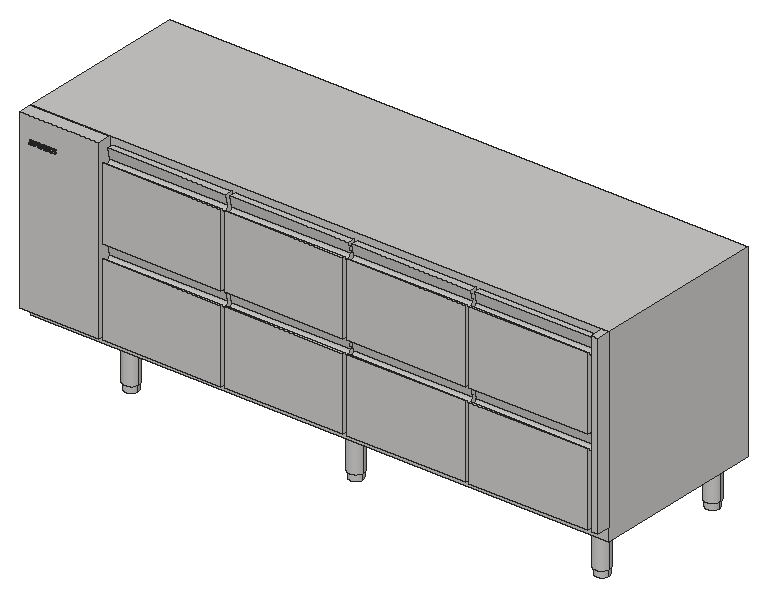
Revit family "QF_ALPENINOX_721092_AK4R7BBBB", category Attrezzature speciali, Revit 2018 (continued)
Definition of nested family "HPC_APX_BI_TN_L"
  Lines and regions (mm)
    Split face 120
      outline origin (110, -951.3, 50) x (1, 0, 0) y (0, 1, 0)
        loop
          line (-218.464, 599.474) -> (-176.464, 599.474)
          arc (-176.464, 599.474) -> (-172.464, 603.474) -> (-176.464, 607.474) r 4
          line (-176.464, 607.474) -> (-218.464, 607.474)
    Split face 121
      outline origin (220, -951.3, 50) x (1, 0, 0) y (0, 1, 0)
        loop
          arc (-273.464, 607.474) -> (-277.464, 603.474) -> (-273.464, 599.474) r 4
          line (-273.464, 599.474) -> (-231.464, 599.474)
          arc (-231.464, 599.474) -> (-227.464, 603.474) -> (-231.464, 607.474) r 4
          line (-231.464, 607.474) -> (-273.464, 607.474)
    Split face 122
      outline origin (0, -975.3, 50) x (1, 0, 0) y (0, 1, 0)
        loop
          arc (-163.464, 619.474) -> (-167.464, 615.474) -> (-163.464, 611.474) r 4
          line (-163.464, 611.474) -> (-121.464, 611.474)
          arc (-121.464, 611.474) -> (-117.464, 615.474) -> (-121.464, 619.474) r 4
          line (-121.464, 619.474) -> (-163.464, 619.474)
    Split face 123
      outline origin (330, -975.3, 50) x (1, 0, 0) y (0, 1, 0)
        loop
          arc (-328.464, 619.474) -> (-332.464, 615.474) -> (-328.464, 611.474) r 4
          line (-328.464, 611.474) -> (-286.464, 611.474)
          arc (-286.464, 611.474) -> (-282.464, 615.474) -> (-286.464, 619.474) r 4
          line (-286.464, 619.474) -> (-328.464, 619.474)
    Split face 124
      outline origin (110, -975.3, 50) x (1, 0, 0) y (0, 1, 0)
        loop
          arc (-218.464, 619.474) -> (-222.464, 615.474) -> (-218.464, 611.474) r 4
          line (-218.464, 611.474) -> (-176.464, 611.474)
          arc (-176.464, 611.474) -> (-172.464, 615.474) -> (-176.464, 619.474) r 4
          line (-176.464, 619.474) -> (-218.464, 619.474)
    Split face 125
      outline origin (220, -975.3, 50) x (1, 0, 0) y (0, 1, 0)
        loop
          arc (-273.464, 619.474) -> (-277.464, 615.474) -> (-273.464, 611.474) r 4
          line (-273.464, 611.474) -> (-231.464, 611.474)
          arc (-231.464, 611.474) -> (-227.464, 615.474) -> (-231.464, 619.474) r 4
          line (-231.464, 619.474) -> (-273.464, 619.474)
    Split face 126
      outline origin (0, -999.3, 50) x (1, 0, 0) y (0, 1, 0)
        loop
          arc (-163.464, 631.474) -> (-167.464, 627.474) -> (-163.464, 623.474) r 4
          line (-163.464, 623.474) -> (-121.464, 623.474)
          arc (-121.464, 623.474) -> (-117.464, 627.474) -> (-121.464, 631.474) r 4
          line (-121.464, 631.474) -> (-163.464, 631.474)
    Split face 127
      outline origin (330, -999.3, 50) x (1, 0, 0) y (0, 1, 0)
        loop
          arc (-328.464, 631.474) -> (-332.464, 627.474) -> (-328.464, 623.474) r 4
          line (-328.464, 623.474) -> (-286.464, 623.474)
          arc (-286.464, 623.474) -> (-282.464, 627.474) -> (-286.464, 631.474) r 4
          line (-286.464, 631.474) -> (-328.464, 631.474)
    Split face 128
      outline origin (110, -999.3, 50) x (1, 0, 0) y (0, 1, 0)
        loop
          arc (-218.464, 631.474) -> (-222.464, 627.474) -> (-218.464, 623.474) r 4
          line (-218.464, 623.474) -> (-176.464, 623.474)
          arc (-176.464, 623.474) -> (-172.464, 627.474) -> (-176.464, 631.474) r 4
          line (-176.464, 631.474) -> (-218.464, 631.474)
    Split face 129
      outline origin (220, -999.3, 50) x (1, 0, 0) y (0, 1, 0)
        loop
          arc (-273.464, 631.474) -> (-277.464, 627.474) -> (-273.464, 623.474) r 4
          line (-273.464, 623.474) -> (-231.464, 623.474)
          arc (-231.464, 623.474) -> (-227.464, 627.474) -> (-231.464, 631.474) r 4
          line (-231.464, 631.474) -> (-273.464, 631.474)
    Split face 130
      outline origin (0, -1023.3, 50) x (1, 0, 0) y (0, 1, 0)
        loop
          arc (-163.464, 643.474) -> (-167.464, 639.474) -> (-163.464, 635.474) r 4
          line (-163.464, 635.474) -> (-121.464, 635.474)
          arc (-121.464, 635.474) -> (-117.464, 639.474) -> (-121.464, 643.474) r 4
          line (-121.464, 643.474) -> (-163.464, 643.474)
    Split face 131
      outline origin (330, -1023.3, 50) x (1, 0, 0) y (0, 1, 0)
        loop
          arc (-328.464, 643.474) -> (-332.464, 639.474) -> (-328.464, 635.474) r 4
          line (-328.464, 635.474) -> (-286.464, 635.474)
          arc (-286.464, 635.474) -> (-282.464, 639.474) -> (-286.464, 643.474) r 4
          line (-286.464, 643.474) -> (-328.464, 643.474)
    Split face 132
      outline origin (110, -1023.3, 50) x (1, 0, 0) y (0, 1, 0)
        loop
          arc (-218.464, 643.474) -> (-222.464, 639.474) -> (-218.464, 635.474) r 4
          line (-218.464, 635.474) -> (-176.464, 635.474)
          arc (-176.464, 635.474) -> (-172.464, 639.474) -> (-176.464, 643.474) r 4
          line (-176.464, 643.474) -> (-218.464, 643.474)
    Split face 133
      outline origin (220, -1023.3, 50) x (1, 0, 0) y (0, 1, 0)
        loop
          arc (-273.464, 643.474) -> (-277.464, 639.474) -> (-273.464, 635.474) r 4
          line (-273.464, 635.474) -> (-231.464, 635.474)
          arc (-231.464, 635.474) -> (-227.464, 639.474) -> (-231.464, 643.474) r 4
          line (-231.464, 643.474) -> (-273.464, 643.474)
    symbolic lines
      curve 1: line (87.08, -74, 50) -> (87.08, -74, 0)
  Dimensions and locks
    equal spacing: plane 6, plane 1 "Center (Front/Back)", plane 7
    equal spacing: plane 4, plane 3 "Center (Left/Right)", plane 5
    aligned and locked: plane 2 to Extrusion 1
    aligned and locked: level to Extrusion 1
  Automatic sketch dimensions
    Split face 5 sketch curve to Split face 5 sketch curve = 42 mm
    Split face 5 sketch curve to Split face 5 sketch curve = 4 mm
    Split face 6 sketch curve to Split face 6 sketch curve = 42 mm
    Split face 6 sketch curve to Split face 6 sketch curve = 4 mm
    Split face 7 sketch curve to Split face 7 sketch curve = 42 mm
    Split face 7 sketch curve to Split face 7 sketch curve = 4 mm
    Split face 8 sketch curve to Split face 8 sketch curve = 42 mm
    Split face 8 sketch curve to Split face 8 sketch curve = 4 mm
    Split face 9 sketch curve to Split face 9 sketch curve = 42 mm
    Split face 9 sketch curve to Split face 9 sketch curve = 4 mm
    Split face 10 sketch curve to Split face 10 sketch curve = 42 mm
    Split face 10 sketch curve to Split face 10 sketch curve = 4 mm
    Split face 11 sketch curve to Split face 11 sketch curve = 42 mm
    Split face 11 sketch curve to Split face 11 sketch curve = 4 mm
    Split face 12 sketch curve to Split face 12 sketch curve = 42 mm
    Split face 12 sketch curve to Split face 12 sketch curve = 4 mm
    Split face 13 sketch curve to Split face 13 sketch curve = 42 mm
    Split face 13 sketch curve to Split face 13 sketch curve = 4 mm
    Split face 14 sketch curve to Split face 14 sketch curve = 42 mm
    Split face 14 sketch curve to Split face 14 sketch curve = 4 mm
    Split face 15 sketch curve to Split face 15 sketch curve = 42 mm
    Split face 15 sketch curve to Split face 15 sketch curve = 4 mm
    Split face 16 sketch curve to Split face 16 sketch curve = 42 mm
    Split face 16 sketch curve to Split face 16 sketch curve = 4 mm
    Split face 17 sketch curve to Split face 17 sketch curve = 42 mm
    Split face 17 sketch curve to Split face 17 sketch curve = 4 mm
    Split face 18 sketch curve to Split face 18 sketch curve = 42 mm
    Split face 18 sketch curve to Split face 18 sketch curve = 4 mm
    Split face 19 sketch curve to Split face 19 sketch curve = 42 mm
    Split face 19 sketch curve to Split face 19 sketch curve = 4 mm
    Split face 20 sketch curve to Split face 20 sketch curve = 42 mm
    Split face 20 sketch curve to Split face 20 sketch curve = 4 mm
    Split face 21 sketch curve to Split face 21 sketch curve = 42 mm
    Split face 21 sketch curve to Split face 21 sketch curve = 4 mm
    Split face 22 sketch curve to Split face 22 sketch curve = 42 mm
    Split face 22 sketch curve to Split face 22 sketch curve = 4 mm
    Split face 23 sketch curve to Split face 23 sketch curve = 42 mm
    Split face 23 sketch curve to Split face 23 sketch curve = 4 mm
    Split face 24 sketch curve to Split face 24 sketch curve = 42 mm
    Split face 24 sketch curve to Split face 24 sketch curve = 4 mm
    Split face 25 sketch curve to Split face 25 sketch curve = 42 mm
    Split face 25 sketch curve to Split face 25 sketch curve = 4 mm
    Split face 26 sketch curve to Split face 26 sketch curve = 42 mm
    Split face 26 sketch curve to Split face 26 sketch curve = 4 mm
    Split face 27 sketch curve to Split face 27 sketch curve = 42 mm
    Split face 27 sketch curve to Split face 27 sketch curve = 4 mm
    Split face 28 sketch curve to Split face 28 sketch curve = 42 mm
    Split face 28 sketch curve to Split face 28 sketch curve = 4 mm
    Split face 29 sketch curve to Split face 29 sketch curve = 42 mm
    Split face 29 sketch curve to Split face 29 sketch curve = 4 mm
    Split face 30 sketch curve to Split face 30 sketch curve = 42 mm
    Split face 30 sketch curve to Split face 30 sketch curve = 4 mm
    Split face 31 sketch curve to Split face 31 sketch curve = 42 mm
    Split face 31 sketch curve to Split face 31 sketch curve = 4 mm
    Split face 32 sketch curve to Split face 32 sketch curve = 42 mm
    Split face 32 sketch curve to Split face 32 sketch curve = 4 mm
    Split face 33 sketch curve to Split face 33 sketch curve = 42 mm
    Split face 33 sketch curve to Split face 33 sketch curve = 4 mm
    Split face 34 sketch curve to Split face 34 sketch curve = 42 mm
    Split face 34 sketch curve to Split face 34 sketch curve = 4 mm
    Split face 35 sketch curve to Split face 35 sketch curve = 42 mm
    Split face 35 sketch curve to Split face 35 sketch curve = 4 mm
    Split face 36 sketch curve to Split face 36 sketch curve = 42 mm
    Split face 36 sketch curve to Split face 36 sketch curve = 4 mm
    Split face 37 sketch curve to Split face 37 sketch curve = 42 mm
    Split face 37 sketch curve to Split face 37 sketch curve = 4 mm
    Split face 38 sketch curve to Split face 38 sketch curve = 42 mm
    Split face 38 sketch curve to Split face 38 sketch curve = 4 mm
    Split face 39 sketch curve to Split face 39 sketch curve = 42 mm
    Split face 39 sketch curve to Split face 39 sketch curve = 4 mm
    Split face 40 sketch curve to Split face 40 sketch curve = 42 mm
    Split face 40 sketch curve to Split face 40 sketch curve = 4 mm
    Split face 41 sketch curve to Split face 41 sketch curve = 42 mm
    Split face 41 sketch curve to Split face 41 sketch curve = 4 mm
    Split face 42 sketch curve to Split face 42 sketch curve = 42 mm
    Split face 42 sketch curve to Split face 42 sketch curve = 4 mm
    Split face 43 sketch curve to Split face 43 sketch curve = 42 mm
    Split face 43 sketch curve to Split face 43 sketch curve = 4 mm
    Split face 44 sketch curve to Split face 44 sketch curve = 42 mm
    Split face 44 sketch curve to Split face 44 sketch curve = 4 mm
    Split face 45 sketch curve to Split face 45 sketch curve = 42 mm
    Split face 45 sketch curve to Split face 45 sketch curve = 4 mm
    Split face 46 sketch curve to Split face 46 sketch curve = 42 mm
    Split face 46 sketch curve to Split face 46 sketch curve = 4 mm
    Split face 47 sketch curve to Split face 47 sketch curve = 42 mm
    Split face 47 sketch curve to Split face 47 sketch curve = 4 mm
    Split face 48 sketch curve to Split face 48 sketch curve = 42 mm
    Split face 48 sketch curve to Split face 48 sketch curve = 4 mm
    Split face 49 sketch curve to Split face 49 sketch curve = 42 mm
    Split face 49 sketch curve to Split face 49 sketch curve = 4 mm
    Split face 50 sketch curve to Split face 50 sketch curve = 42 mm
    Split face 50 sketch curve to Split face 50 sketch curve = 4 mm
    Split face 51 sketch curve to Split face 51 sketch curve = 42 mm
    Split face 51 sketch curve to Split face 51 sketch curve = 4 mm
    Split face 52 sketch curve to Split face 52 sketch curve = 42 mm
    Split face 52 sketch curve to Split face 52 sketch curve = 4 mm
    Split face 53 sketch curve to Split face 53 sketch curve = 42 mm
    Split face 53 sketch curve to Split face 53 sketch curve = 4 mm
    Split face 54 sketch curve to Split face 54 sketch curve = 42 mm
    Split face 54 sketch curve to Split face 54 sketch curve = 4 mm
    Split face 55 sketch curve to Split face 55 sketch curve = 42 mm
    Split face 55 sketch curve to Split face 55 sketch curve = 4 mm
    Split face 56 sketch curve to Split face 56 sketch curve = 42 mm
    Split face 56 sketch curve to Split face 56 sketch curve = 4 mm
    Split face 57 sketch curve to Split face 57 sketch curve = 42 mm
    Split face 57 sketch curve to Split face 57 sketch curve = 4 mm
    Split face 58 sketch curve to Split face 58 sketch curve = 42 mm
    Split face 58 sketch curve to Split face 58 sketch curve = 4 mm
    Split face 59 sketch curve to Split face 59 sketch curve = 42 mm
    Split face 59 sketch curve to Split face 59 sketch curve = 4 mm
    Split face 60 sketch curve to Split face 60 sketch curve = 42 mm
    Split face 60 sketch curve to Split face 60 sketch curve = 4 mm
    Split face 61 sketch curve to Split face 61 sketch curve = 42 mm
    Split face 61 sketch curve to Split face 61 sketch curve = 4 mm
    Split face 62 sketch curve to Split face 62 sketch curve = 42 mm
    Split face 62 sketch curve to Split face 62 sketch curve = 4 mm
    Split face 63 sketch curve to Split face 63 sketch curve = 42 mm
    Split face 63 sketch curve to Split face 63 sketch curve = 4 mm
    Split face 64 sketch curve to Split face 64 sketch curve = 42 mm
    Split face 64 sketch curve to Split face 64 sketch curve = 4 mm
    Split face 65 sketch curve to Split face 65 sketch curve = 42 mm
    Split face 65 sketch curve to Split face 65 sketch curve = 4 mm
    Split face 66 sketch curve to Split face 66 sketch curve = 42 mm
    Split face 66 sketch curve to Split face 66 sketch curve = 4 mm
    Split face 67 sketch curve to Split face 67 sketch curve = 42 mm
    Split face 67 sketch curve to Split face 67 sketch curve = 4 mm
    Split face 68 sketch curve to Split face 68 sketch curve = 42 mm
    Split face 68 sketch curve to Split face 68 sketch curve = 4 mm
    Split face 70 sketch curve to Split face 70 sketch curve = 42 mm
    Split face 70 sketch curve to Split face 70 sketch curve = 4 mm
    Split face 71 sketch curve to Split face 71 sketch curve = 42 mm
    Split face 71 sketch curve to Split face 71 sketch curve = 4 mm
    Split face 72 sketch curve to Split face 72 sketch curve = 42 mm
    Split face 72 sketch curve to Split face 72 sketch curve = 4 mm
    Split face 73 sketch curve to Split face 73 sketch curve = 42 mm
    Split face 73 sketch curve to Split face 73 sketch curve = 4 mm
    Split face 74 sketch curve to Split face 74 sketch curve = 42 mm
    Split face 74 sketch curve to Split face 74 sketch curve = 4 mm
    Split face 75 sketch curve to Split face 75 sketch curve = 42 mm
    Split face 75 sketch curve to Split face 75 sketch curve = 4 mm
    Split face 76 sketch curve to Split face 76 sketch curve = 42 mm
    Split face 76 sketch curve to Split face 76 sketch curve = 4 mm
    Split face 77 sketch curve to Split face 77 sketch curve = 42 mm
    Split face 77 sketch curve to Split face 77 sketch curve = 4 mm
    Split face 78 sketch curve to Split face 78 sketch curve = 42 mm
    Split face 78 sketch curve to Split face 78 sketch curve = 4 mm
    Split face 79 sketch curve to Split face 79 sketch curve = 42 mm
    Split face 79 sketch curve to Split face 79 sketch curve = 4 mm
    Split face 80 sketch curve to Split face 80 sketch curve = 42 mm
    Split face 80 sketch curve to Split face 80 sketch curve = 4 mm
    Split face 81 sketch curve to Split face 81 sketch curve = 42 mm
    Split face 81 sketch curve to Split face 81 sketch curve = 4 mm
    Split face 82 sketch curve to Split face 82 sketch curve = 42 mm
    Split face 82 sketch curve to Split face 82 sketch curve = 4 mm
    Split face 83 sketch curve to Split face 83 sketch curve = 42 mm
    Split face 83 sketch curve to Split face 83 sketch curve = 4 mm
    Split face 84 sketch curve to Split face 84 sketch curve = 42 mm
    Split face 84 sketch curve to Split face 84 sketch curve = 4 mm
    Split face 85 sketch curve to Split face 85 sketch curve = 42 mm
    Split face 85 sketch curve to Split face 85 sketch curve = 4 mm
    Split face 86 sketch curve to Split face 86 sketch curve = 42 mm
    Split face 86 sketch curve to Split face 86 sketch curve = 4 mm
    Split face 87 sketch curve to Split face 87 sketch curve = 42 mm
    Split face 87 sketch curve to Split face 87 sketch curve = 4 mm
    Split face 88 sketch curve to Split face 88 sketch curve = 42 mm
    Split face 88 sketch curve to Split face 88 sketch curve = 4 mm
    Split face 89 sketch curve to Split face 89 sketch curve = 42 mm
    Split face 89 sketch curve to Split face 89 sketch curve = 4 mm
    Split face 90 sketch curve to Split face 90 sketch curve = 42 mm
    Split face 90 sketch curve to Split face 90 sketch curve = 4 mm
    Split face 91 sketch curve to Split face 91 sketch curve = 42 mm
    Split face 91 sketch curve to Split face 91 sketch curve = 4 mm
    Split face 92 sketch curve to Split face 92 sketch curve = 42 mm
    Split face 92 sketch curve to Split face 92 sketch curve = 4 mm
    Split face 93 sketch curve to Split face 93 sketch curve = 42 mm
    Split face 93 sketch curve to Split face 93 sketch curve = 4 mm
    Split face 94 sketch curve to Split face 94 sketch curve = 42 mm
    Split face 94 sketch curve to Split face 94 sketch curve = 4 mm
    Split face 95 sketch curve to Split face 95 sketch curve = 42 mm
    Split face 95 sketch curve to Split face 95 sketch curve = 4 mm
    Split face 96 sketch curve to Split face 96 sketch curve = 42 mm
    Split face 96 sketch curve to Split face 96 sketch curve = 4 mm
    Split face 97 sketch curve to Split face 97 sketch curve = 42 mm
    Split face 97 sketch curve to Split face 97 sketch curve = 4 mm
    Split face 98 sketch curve to Split face 98 sketch curve = 42 mm
    Split face 98 sketch curve to Split face 98 sketch curve = 4 mm
    Split face 99 sketch curve to Split face 99 sketch curve = 42 mm
    Split face 99 sketch curve to Split face 99 sketch curve = 4 mm
    Split face 100 sketch curve to Split face 100 sketch curve = 42 mm
    Split face 100 sketch curve to Split face 100 sketch curve = 4 mm
    Split face 101 sketch curve to Split face 101 sketch curve = 42 mm
    Split face 101 sketch curve to Split face 101 sketch curve = 4 mm
    Split face 102 sketch curve to Split face 102 sketch curve = 42 mm
    Split face 102 sketch curve to Split face 102 sketch curve = 4 mm
    Split face 103 sketch curve to Split face 103 sketch curve = 42 mm
    Split face 103 sketch curve to Split face 103 sketch curve = 4 mm
    Split face 104 sketch curve to Split face 104 sketch curve = 42 mm
    Split face 104 sketch curve to Split face 104 sketch curve = 4 mm
    Split face 105 sketch curve to Split face 105 sketch curve = 42 mm
    Split face 105 sketch curve to Split face 105 sketch curve = 4 mm
    Split face 106 sketch curve to Split face 106 sketch curve = 42 mm
    Split face 106 sketch curve to Split face 106 sketch curve = 4 mm
    Split face 107 sketch curve to Split face 107 sketch curve = 42 mm
    Split face 107 sketch curve to Split face 107 sketch curve = 4 mm
    Split face 108 sketch curve to Split face 108 sketch curve = 42 mm
    Split face 108 sketch curve to Split face 108 sketch curve = 4 mm
    Split face 109 sketch curve to Split face 109 sketch curve = 42 mm
    Split face 109 sketch curve to Split face 109 sketch curve = 4 mm
    Split face 110 sketch curve to Split face 110 sketch curve = 42 mm
    Split face 110 sketch curve to Split face 110 sketch curve = 4 mm
    Split face 111 sketch curve to Split face 111 sketch curve = 42 mm
    Split face 111 sketch curve to Split face 111 sketch curve = 4 mm
    Split face 112 sketch curve to Split face 112 sketch curve = 42 mm
    Split face 112 sketch curve to Split face 112 sketch curve = 4 mm
    Split face 113 sketch curve to Split face 113 sketch curve = 42 mm
    Split face 113 sketch curve to Split face 113 sketch curve = 4 mm
    Split face 114 sketch curve to Split face 114 sketch curve = 42 mm
    Split face 114 sketch curve to Split face 114 sketch curve = 4 mm
    Split face 115 sketch curve to Split face 115 sketch curve = 42 mm
    Split face 115 sketch curve to Split face 115 sketch curve = 4 mm
    Split face 116 sketch curve to Split face 116 sketch curve = 42 mm
    Split face 116 sketch curve to Split face 116 sketch curve = 4 mm
    Split face 117 sketch curve to Split face 117 sketch curve = 42 mm
    Split face 117 sketch curve to Split face 117 sketch curve = 4 mm
    Split face 118 sketch curve to Split face 118 sketch curve = 42 mm
    Split face 118 sketch curve to Split face 118 sketch curve = 4 mm
    Split face 119 sketch curve to Split face 119 sketch curve = 42 mm
    Split face 119 sketch curve to Split face 119 sketch curve = 4 mm
    Split face 120 sketch curve to Split face 120 sketch curve = 42 mm
    Split face 120 sketch curve to Split face 120 sketch curve = 4 mm
    Split face 121 sketch curve to Split face 121 sketch curve = 42 mm
    Split face 121 sketch curve to Split face 121 sketch curve = 4 mm
    Split face 122 sketch curve to Split face 122 sketch curve = 42 mm
    Split face 122 sketch curve to Split face 122 sketch curve = 4 mm
    Split face 123 sketch curve to Split face 123 sketch curve = 42 mm
    Split face 123 sketch curve to Split face 123 sketch curve = 4 mm
    Split face 124 sketch curve to Split face 124 sketch curve = 42 mm
    Split face 124 sketch curve to Split face 124 sketch curve = 4 mm
    Split face 125 sketch curve to Split face 125 sketch curve = 42 mm
    Split face 125 sketch curve to Split face 125 sketch curve = 4 mm
    Split face 126 sketch curve to Split face 126 sketch curve = 42 mm
    Split face 126 sketch curve to Split face 126 sketch curve = 4 mm
    Split face 127 sketch curve to Split face 127 sketch curve = 42 mm
    Split face 127 sketch curve to Split face 127 sketch curve = 4 mm
    Split face 128 sketch curve to Split face 128 sketch curve = 42 mm
    Split face 128 sketch curve to Split face 128 sketch curve = 4 mm
    Split face 129 sketch curve to Split face 129 sketch curve = 42 mm
    Split face 129 sketch curve to Split face 129 sketch curve = 4 mm
    Split face 130 sketch curve to Split face 130 sketch curve = 42 mm
    Split face 130 sketch curve to Split face 130 sketch curve = 4 mm
    Split face 131 sketch curve to Split face 131 sketch curve = 42 mm
    Split face 131 sketch curve to Split face 131 sketch curve = 4 mm
    Split face 132 sketch curve to Split face 132 sketch curve = 42 mm
    Split face 132 sketch curve to Split face 132 sketch curve = 4 mm
    Split face 133 sketch curve to Split face 133 sketch curve = 42 mm
    Split face 133 sketch curve to Split face 133 sketch curve = 4 mm
    Extrusion 1 sketch curve to Extrusion 1 sketch curve = 2438.4 mm  (x2)
    Extrusion 2 sketch curve to plane 4 = 0 mm
    Extrusion 2 sketch curve to plane 5 = 0 mm
    Extrusion 2 sketch curve to plane 7 = 0 mm
    Extrusion 2 sketch curve to plane 6 = 0 mm
    Split face 1 sketch curve to Extrusion 2 = 0 mm  (x2)
    Split face 1 sketch curve to Extrusion 2 = 34 mm
    Split face 1 sketch curve to Extrusion 2 = 104 mm
    Split face 1 sketch curve to Split face 1 sketch curve = 17.5 mm
    Split face 2 sketch curve to Extrusion 2 = 130.5 mm
    Split face 2 sketch curve to Extrusion 2 = 60.5 mm
    Split face 2 sketch curve to Extrusion 2 = 98 mm
    Split face 2 sketch curve to Split face 2 sketch curve = 23 mm
    Split face 3 sketch curve to Extrusion 2 = 80.5 mm
    Split face 3 sketch curve to Split face 3 sketch curve = 17 mm  (x2)
    Split face 3 sketch curve to Extrusion 2 = 95 mm
    plane 4 to Extrusion 3 sketch curve = 34.51 mm
    Extrusion 3 sketch curve to Extrusion 3 sketch curve = 1.266 mm
    Extrusion 3 sketch curve to Extrusion 3 sketch curve = 1.307 mm
    Extrusion 3 sketch curve to Extrusion 3 sketch curve = 0.57 mm
    Extrusion 3 sketch curve to Extrusion 3 sketch curve = 0.593 mm
    Extrusion 3 sketch curve to Extrusion 3 sketch curve = 0.799 mm
    Extrusion 3 sketch curve to Extrusion 3 sketch curve = 1.99 mm  (x2)
    Extrusion 3 sketch curve to Extrusion 3 sketch curve = 0.003 mm
    Extrusion 3 sketch curve to Extrusion 3 sketch curve = 3.534 mm
    Extrusion 3 sketch curve to Extrusion 3 sketch curve = 0.835 mm
    Extrusion 3 sketch curve to Extrusion 3 sketch curve = 0.56 mm
    Extrusion 3 sketch curve to Extrusion 3 sketch curve = 1.268 mm
    Extrusion 3 sketch curve to Extrusion 3 sketch curve = 1.223 mm
    Extrusion 3 sketch curve to Extrusion 3 sketch curve = 1.344 mm
    Extrusion 3 sketch curve to Extrusion 3 sketch curve = 1.394 mm  (x2)
    Extrusion 3 sketch curve to Extrusion 3 sketch curve = 1.512 mm
    Extrusion 3 sketch curve to Extrusion 3 sketch curve = 3.309 mm
    Extrusion 3 sketch curve to Extrusion 3 sketch curve = 5.841 mm
    Extrusion 3 sketch curve to Extrusion 3 sketch curve = 1.393 mm
    Extrusion 3 sketch curve to Extrusion 3 sketch curve = 1.439 mm
    Extrusion 3 sketch curve to Extrusion 3 sketch curve = 0 mm  (x19)
    Extrusion 3 sketch curve to Extrusion 3 sketch curve = 1.902 mm
    Extrusion 3 sketch curve to Extrusion 3 sketch curve = 0.052 mm
    Extrusion 3 sketch curve to Extrusion 3 sketch curve = 2.065 mm
    Extrusion 3 sketch curve to Extrusion 3 sketch curve = 0.647 mm
    Extrusion 3 sketch curve to Extrusion 3 sketch curve = 8.079 mm
    Extrusion 3 sketch curve to Extrusion 3 sketch curve = 0.073 mm
    Extrusion 3 sketch curve to Extrusion 3 sketch curve = 2.145 mm
    Extrusion 3 sketch curve to Extrusion 3 sketch curve = 2.931 mm
    Extrusion 3 sketch curve to Extrusion 3 sketch curve = 0.213 mm
    Extrusion 3 sketch curve to Extrusion 3 sketch curve = 0.026 mm
    Extrusion 3 sketch curve to Extrusion 3 sketch curve = 0.263 mm
    Extrusion 3 sketch curve to Extrusion 3 sketch curve = 0.516 mm
    Extrusion 3 sketch curve to Extrusion 3 sketch curve = 0.356 mm
    Extrusion 3 sketch curve to Extrusion 3 sketch curve = 0.387 mm
    Extrusion 3 sketch curve to Extrusion 3 sketch curve = 2.378 mm
    Extrusion 3 sketch curve to Extrusion 3 sketch curve = 2.466 mm
    Extrusion 3 sketch curve to Extrusion 3 sketch curve = 0.602 mm
    Extrusion 3 sketch curve to Extrusion 3 sketch curve = 1.02 mm
    Extrusion 3 sketch curve to Extrusion 3 sketch curve = 0.949 mm
    Extrusion 3 sketch curve to Extrusion 3 sketch curve = 1.728 mm
    Extrusion 3 sketch curve to Extrusion 3 sketch curve = 0.157 mm  (x2)
    Extrusion 3 sketch curve to Extrusion 3 sketch curve = 0.292 mm
    Extrusion 3 sketch curve to Extrusion 3 sketch curve = 3.565 mm
    Extrusion 3 sketch curve to Extrusion 3 sketch curve = 1.396 mm  (x2)
    Extrusion 3 sketch curve to Extrusion 3 sketch curve = 1.418 mm  (x2)
    Extrusion 3 sketch curve to Extrusion 3 sketch curve = 1.151 mm  (x2)
    Extrusion 3 sketch curve to Extrusion 3 sketch curve = 5.709 mm  (x2)
    Extrusion 3 sketch curve to Extrusion 3 sketch curve = 0.224 mm  (x2)
    Extrusion 3 sketch curve to Extrusion 3 sketch curve = 1.149 mm  (x2)
    Extrusion 3 sketch curve to Extrusion 3 sketch curve = 1.395 mm  (x2)
    Extrusion 3 sketch curve to Extrusion 3 sketch curve = 1.744 mm
    Extrusion 3 sketch curve to Extrusion 3 sketch curve = 1.745 mm
    Extrusion 3 sketch curve to Extrusion 3 sketch curve = 6.963 mm
    Extrusion 3 sketch curve to Extrusion 3 sketch curve = 0.493 mm  (x3)
    Extrusion 3 sketch curve to Extrusion 3 sketch curve = 0.273 mm  (x2)
    Extrusion 3 sketch curve to Extrusion 3 sketch curve = 0.021 mm  (x2)
    Extrusion 3 sketch curve to Extrusion 3 sketch curve = 0.226 mm  (x2)
    Extrusion 3 sketch curve to Extrusion 3 sketch curve = 0.268 mm  (x2)
    Extrusion 3 sketch curve to Extrusion 3 sketch curve = 0.294 mm
    Extrusion 3 sketch curve to Extrusion 3 sketch curve = 5.238 mm
    Extrusion 3 sketch curve to Extrusion 3 sketch curve = 5.908 mm
    Extrusion 3 sketch curve to Extrusion 3 sketch curve = 1.109 mm  (x2)
    Extrusion 3 sketch curve to Extrusion 3 sketch curve = 1.108 mm  (x2)
    Extrusion 3 sketch curve to Extrusion 3 sketch curve = 1.142 mm  (x2)
    Extrusion 3 sketch curve to Extrusion 3 sketch curve = 1.216 mm  (x2)
    Extrusion 3 sketch curve to Extrusion 3 sketch curve = 3.013 mm
    Extrusion 3 sketch curve to Extrusion 3 sketch curve = 1.616 mm  (x3)
    Extrusion 3 sketch curve to Extrusion 3 sketch curve = 2.305 mm
    Extrusion 3 sketch curve to Extrusion 3 sketch curve = 3.049 mm
    Extrusion 3 sketch curve to plane 6 = 93.469 mm
    Extrusion 3 sketch curve to Extrusion 3 sketch curve = 0.498 mm
    Extrusion 3 sketch curve to Extrusion 3 sketch curve = 0.682 mm
    Extrusion 3 sketch curve to Extrusion 3 sketch curve = 0.664 mm
    Extrusion 3 sketch curve to Extrusion 3 sketch curve = 0.425 mm
    Extrusion 3 sketch curve to Extrusion 3 sketch curve = 0.41 mm
    Extrusion 3 sketch curve to Extrusion 3 sketch curve = 1.272 mm
    Extrusion 3 sketch curve to Extrusion 3 sketch curve = 0.789 mm  (x2)
    Extrusion 3 sketch curve to Extrusion 3 sketch curve = 0.056 mm
    Extrusion 3 sketch curve to Extrusion 3 sketch curve = 0.83 mm
    Extrusion 3 sketch curve to Extrusion 3 sketch curve = 1.238 mm
    Extrusion 3 sketch curve to Extrusion 3 sketch curve = 1.732 mm
    Extrusion 3 sketch curve to Extrusion 3 sketch curve = 0.346 mm
    Extrusion 3 sketch curve to Extrusion 3 sketch curve = 1.123 mm
    Extrusion 3 sketch curve to Extrusion 3 sketch curve = 3.023 mm
    Extrusion 3 sketch curve to Extrusion 3 sketch curve = 4.203 mm
    Extrusion 3 sketch curve to Extrusion 3 sketch curve = 3.452 mm  (x2)
    Extrusion 3 sketch curve to Extrusion 3 sketch curve = 2.544 mm
    Extrusion 3 sketch curve to Extrusion 3 sketch curve = 1.177 mm
    Extrusion 3 sketch curve to Extrusion 3 sketch curve = 3.261 mm
    Extrusion 3 sketch curve to Extrusion 3 sketch curve = 0.352 mm  (x2)
    Extrusion 3 sketch curve to Extrusion 3 sketch curve = 1.987 mm
    Extrusion 3 sketch curve to Extrusion 3 sketch curve = 0.171 mm
    Extrusion 3 sketch curve to Extrusion 3 sketch curve = 0.533 mm  (x3)
    Extrusion 3 sketch curve to Extrusion 3 sketch curve = 0.14 mm  (x4)
    Extrusion 3 sketch curve to Extrusion 3 sketch curve = 0.473 mm
    Extrusion 3 sketch curve to Extrusion 3 sketch curve = 0.31 mm  (x2)
    Extrusion 3 sketch curve to Extrusion 3 sketch curve = 0.075 mm
    Extrusion 3 sketch curve to Extrusion 3 sketch curve = 2.431 mm
    Extrusion 3 sketch curve to Extrusion 3 sketch curve = 2.32 mm  (x2)
    Extrusion 3 sketch curve to Extrusion 3 sketch curve = 1.992 mm
    Extrusion 3 sketch curve to Extrusion 3 sketch curve = 0.674 mm
    Extrusion 3 sketch curve to Extrusion 3 sketch curve = 0.732 mm
    Extrusion 3 sketch curve to Extrusion 3 sketch curve = 0.388 mm
    Extrusion 3 sketch curve to Extrusion 3 sketch curve = 0.121 mm
    Extrusion 3 sketch curve to Extrusion 3 sketch curve = 2.589 mm
    Extrusion 3 sketch curve to Extrusion 3 sketch curve = 0.662 mm
    Extrusion 3 sketch curve to Extrusion 3 sketch curve = 3.473 mm
    Extrusion 3 sketch curve to Extrusion 3 sketch curve = 0.681 mm
    Extrusion 3 sketch curve to Extrusion 3 sketch curve = 1.615 mm
    Extrusion 3 sketch curve to Extrusion 3 sketch curve = 0.34 mm
    Extrusion 3 sketch curve to Extrusion 3 sketch curve = 2.288 mm
    Extrusion 3 sketch curve to Extrusion 3 sketch curve = 0.942 mm
    Extrusion 3 sketch curve to Extrusion 3 sketch curve = 5.4 mm
    Extrusion 3 sketch curve to Extrusion 3 sketch curve = 1.768 mm  (x2)
    Extrusion 3 sketch curve to Extrusion 3 sketch curve = 0.761 mm
    Extrusion 3 sketch curve to Extrusion 3 sketch curve = 0.996 mm
    Extrusion 3 sketch curve to Extrusion 3 sketch curve = 3.543 mm  (x2)
    Extrusion 3 sketch curve to Extrusion 3 sketch curve = 7.017 mm
    Extrusion 3 sketch curve to Extrusion 3 sketch curve = 0.11 mm
    Extrusion 3 sketch curve to Extrusion 3 sketch curve = 0.823 mm  (x2)
    Extrusion 3 sketch curve to Extrusion 3 sketch curve = 0.947 mm
    Extrusion 3 sketch curve to Extrusion 3 sketch curve = 3.837 mm
    Extrusion 3 sketch curve to Extrusion 3 sketch curve = 0.623 mm
    Extrusion 3 sketch curve to Extrusion 3 sketch curve = 1.082 mm
    Extrusion 3 sketch curve to Extrusion 3 sketch curve = 0.801 mm
    Extrusion 3 sketch curve to Extrusion 3 sketch curve = 1 mm
    Extrusion 3 sketch curve to Extrusion 3 sketch curve = 0.089 mm
    Extrusion 3 sketch curve to Extrusion 3 sketch curve = 4.257 mm
    Extrusion 3 sketch curve to Extrusion 3 sketch curve = 4.345 mm  (x2)
    Extrusion 3 sketch curve to Extrusion 3 sketch curve = 2.576 mm
    Extrusion 3 sketch curve to Extrusion 3 sketch curve = 1.385 mm  (x4)
    Extrusion 3 sketch curve to Extrusion 3 sketch curve = 2.133 mm  (x4)
    Extrusion 3 sketch curve to Extrusion 3 sketch curve = 3.518 mm
    Extrusion 3 sketch curve to Extrusion 3 sketch curve = 5.603 mm
    Extrusion 3 sketch curve to Extrusion 3 sketch curve = 2.571 mm
    Split face 4 sketch curve to Extrusion 2 = 0 mm  (x2)
    Split face 4 sketch curve to Extrusion 2 = 64 mm
    Split face 69 sketch curve to Extrusion 2 = 0 mm  (x2)
    Split face 69 sketch curve to Extrusion 2 = 109 mm
    Split face 5 sketch curve to Extrusion 2 = 43.456 mm
    Split face 5 sketch curve to Extrusion 2 = 128.176 mm
    Split face 6 sketch curve to Extrusion 2 = 85.544 mm
    Split face 6 sketch curve to Extrusion 2 = 128.176 mm
    Split face 7 sketch curve to Extrusion 2 = 98.456 mm
    Split face 7 sketch curve to Extrusion 2 = 128.176 mm
    Split face 8 sketch curve to Extrusion 2 = 140.544 mm
    Split face 8 sketch curve to Extrusion 2 = 128.176 mm
    Split face 9 sketch curve to Extrusion 2 = 43.456 mm
    Split face 9 sketch curve to Extrusion 2 = 140.176 mm
    Split face 10 sketch curve to Extrusion 2 = 85.544 mm
    Split face 10 sketch curve to Extrusion 2 = 140.176 mm
    Split face 11 sketch curve to Extrusion 2 = 98.456 mm
    Split face 11 sketch curve to Extrusion 2 = 140.176 mm
    Split face 12 sketch curve to Extrusion 2 = 140.544 mm
    Split face 12 sketch curve to Extrusion 2 = 140.176 mm
    Split face 13 sketch curve to Extrusion 2 = 43.456 mm
    Split face 13 sketch curve to Extrusion 2 = 152.176 mm
    Split face 14 sketch curve to Extrusion 2 = 85.544 mm
    Split face 14 sketch curve to Extrusion 2 = 152.176 mm
    Split face 15 sketch curve to Extrusion 2 = 98.456 mm
    Split face 15 sketch curve to Extrusion 2 = 152.176 mm
    Split face 16 sketch curve to Extrusion 2 = 140.544 mm
    Split face 16 sketch curve to Extrusion 2 = 152.176 mm
    Split face 17 sketch curve to Extrusion 2 = 43.456 mm
    Split face 17 sketch curve to Extrusion 2 = 164.176 mm
    Split face 18 sketch curve to Extrusion 2 = 85.544 mm
    Split face 18 sketch curve to Extrusion 2 = 164.176 mm
    Split face 19 sketch curve to Extrusion 2 = 98.456 mm
    Split face 19 sketch curve to Extrusion 2 = 164.176 mm
    Split face 20 sketch curve to Extrusion 2 = 140.544 mm
    Split face 20 sketch curve to Extrusion 2 = 164.176 mm
    Split face 21 sketch curve to Extrusion 2 = 43.456 mm
    Split face 21 sketch curve to Extrusion 2 = 176.176 mm
    Split face 22 sketch curve to Extrusion 2 = 85.544 mm
    Split face 22 sketch curve to Extrusion 2 = 176.176 mm
    Split face 23 sketch curve to Extrusion 2 = 98.456 mm
    Split face 23 sketch curve to Extrusion 2 = 176.176 mm
    Split face 24 sketch curve to Extrusion 2 = 140.544 mm
    Split face 24 sketch curve to Extrusion 2 = 176.176 mm
    Split face 25 sketch curve to Extrusion 2 = 43.456 mm
    Split face 25 sketch curve to Extrusion 2 = 188.176 mm
    Split face 26 sketch curve to Extrusion 2 = 85.544 mm
    Split face 26 sketch curve to Extrusion 2 = 188.176 mm
    Split face 27 sketch curve to Extrusion 2 = 98.456 mm
    Split face 27 sketch curve to Extrusion 2 = 188.176 mm
    Split face 28 sketch curve to Extrusion 2 = 140.544 mm
    Split face 28 sketch curve to Extrusion 2 = 188.176 mm
    Split face 29 sketch curve to Extrusion 2 = 43.456 mm
    Split face 29 sketch curve to Extrusion 2 = 200.176 mm
    Split face 30 sketch curve to Extrusion 2 = 85.544 mm
    Split face 30 sketch curve to Extrusion 2 = 200.176 mm
    Split face 31 sketch curve to Extrusion 2 = 98.456 mm
    Split face 31 sketch curve to Extrusion 2 = 200.176 mm
    Split face 32 sketch curve to Extrusion 2 = 140.544 mm
    Split face 32 sketch curve to Extrusion 2 = 200.176 mm
    Split face 33 sketch curve to Extrusion 2 = 43.456 mm
    Split face 33 sketch curve to Extrusion 2 = 212.176 mm
    Split face 34 sketch curve to Extrusion 2 = 85.544 mm
    Split face 34 sketch curve to Extrusion 2 = 212.176 mm
    Split face 35 sketch curve to Extrusion 2 = 98.456 mm
    Split face 35 sketch curve to Extrusion 2 = 212.176 mm
    Split face 36 sketch curve to Extrusion 2 = 140.544 mm
    Split face 36 sketch curve to Extrusion 2 = 212.176 mm
    Split face 37 sketch curve to Extrusion 2 = 43.456 mm
    Split face 37 sketch curve to Extrusion 2 = 224.176 mm
    Split face 38 sketch curve to Extrusion 2 = 85.544 mm
    Split face 38 sketch curve to Extrusion 2 = 224.176 mm
    Split face 39 sketch curve to Extrusion 2 = 98.456 mm
    Split face 39 sketch curve to Extrusion 2 = 224.176 mm
    Split face 40 sketch curve to Extrusion 2 = 140.544 mm
    Split face 40 sketch curve to Extrusion 2 = 224.176 mm
    Split face 41 sketch curve to Extrusion 2 = 43.456 mm
    Split face 41 sketch curve to Extrusion 2 = 236.176 mm
    Split face 42 sketch curve to Extrusion 2 = 85.544 mm
    Split face 42 sketch curve to Extrusion 2 = 236.176 mm
    Split face 43 sketch curve to Extrusion 2 = 98.456 mm
    Split face 43 sketch curve to Extrusion 2 = 236.176 mm
    Split face 44 sketch curve to Extrusion 2 = 140.544 mm
    Split face 44 sketch curve to Extrusion 2 = 236.176 mm
    Split face 45 sketch curve to Extrusion 2 = 43.456 mm
    Split face 45 sketch curve to Extrusion 2 = 248.176 mm
    Split face 46 sketch curve to Extrusion 2 = 85.544 mm
    Split face 46 sketch curve to Extrusion 2 = 248.176 mm
    Split face 47 sketch curve to Extrusion 2 = 98.456 mm
    Split face 47 sketch curve to Extrusion 2 = 248.176 mm
    Split face 48 sketch curve to Extrusion 2 = 140.544 mm
    Split face 48 sketch curve to Extrusion 2 = 248.176 mm
    Split face 49 sketch curve to Extrusion 2 = 43.456 mm
    Split face 49 sketch curve to Extrusion 2 = 260.176 mm
    Split face 50 sketch curve to Extrusion 2 = 85.544 mm
    Split face 50 sketch curve to Extrusion 2 = 260.176 mm
    Split face 51 sketch curve to Extrusion 2 = 98.456 mm
    Split face 51 sketch curve to Extrusion 2 = 260.176 mm
    Split face 52 sketch curve to Extrusion 2 = 140.544 mm
    Split face 52 sketch curve to Extrusion 2 = 260.176 mm
    Split face 53 sketch curve to Extrusion 2 = 43.456 mm
    Split face 53 sketch curve to Extrusion 2 = 272.176 mm
    Split face 54 sketch curve to Extrusion 2 = 85.544 mm
    Split face 54 sketch curve to Extrusion 2 = 272.176 mm
    Split face 55 sketch curve to Extrusion 2 = 98.456 mm
    Split face 55 sketch curve to Extrusion 2 = 272.176 mm
    Split face 56 sketch curve to Extrusion 2 = 140.544 mm
    Split face 56 sketch curve to Extrusion 2 = 272.176 mm
    Split face 57 sketch curve to Extrusion 2 = 43.456 mm
    Split face 57 sketch curve to Extrusion 2 = 284.176 mm
    Split face 58 sketch curve to Extrusion 2 = 85.544 mm
    Split face 58 sketch curve to Extrusion 2 = 284.176 mm
    Split face 59 sketch curve to Extrusion 2 = 98.456 mm
    Split face 59 sketch curve to Extrusion 2 = 284.176 mm
    Split face 60 sketch curve to Extrusion 2 = 140.544 mm
    Split face 60 sketch curve to Extrusion 2 = 284.176 mm
    Split face 61 sketch curve to Extrusion 2 = 43.456 mm
    Split face 61 sketch curve to Extrusion 2 = 296.176 mm
    Split face 62 sketch curve to Extrusion 2 = 85.544 mm
    Split face 62 sketch curve to Extrusion 2 = 296.176 mm
    Split face 63 sketch curve to Extrusion 2 = 98.456 mm
    Split face 63 sketch curve to Extrusion 2 = 296.176 mm
    Split face 64 sketch curve to Extrusion 2 = 140.544 mm
    Split face 64 sketch curve to Extrusion 2 = 296.176 mm
    Split face 65 sketch curve to Extrusion 2 = 43.456 mm
    Split face 65 sketch curve to Extrusion 2 = 308.176 mm
    Split face 66 sketch curve to Extrusion 2 = 85.544 mm
    Split face 66 sketch curve to Extrusion 2 = 308.176 mm
    Split face 67 sketch curve to Extrusion 2 = 98.456 mm
    Split face 67 sketch curve to Extrusion 2 = 308.176 mm
    Split face 68 sketch curve to Extrusion 2 = 140.544 mm
    Split face 68 sketch curve to Extrusion 2 = 308.176 mm
    Split face 70 sketch curve to Extrusion 2 = 43.456 mm
    Split face 70 sketch curve to Extrusion 2 = 192.174 mm
    Split face 71 sketch curve to Extrusion 2 = 85.544 mm
    Split face 71 sketch curve to Extrusion 2 = 192.174 mm
    Split face 72 sketch curve to Extrusion 2 = 98.456 mm
    Split face 72 sketch curve to Extrusion 2 = 192.174 mm
    Split face 73 sketch curve to Extrusion 2 = 140.544 mm
    Split face 73 sketch curve to Extrusion 2 = 192.174 mm
    Split face 74 sketch curve to Extrusion 2 = 43.456 mm
    Split face 74 sketch curve to Extrusion 2 = 180.174 mm
    Split face 75 sketch curve to Extrusion 2 = 85.544 mm
    Split face 75 sketch curve to Extrusion 2 = 180.174 mm
    Split face 76 sketch curve to Extrusion 2 = 98.456 mm
    Split face 76 sketch curve to Extrusion 2 = 180.174 mm
    Split face 77 sketch curve to Extrusion 2 = 140.544 mm
    Split face 77 sketch curve to Extrusion 2 = 180.174 mm
    Split face 78 sketch curve to Extrusion 2 = 43.456 mm
    Split face 78 sketch curve to Extrusion 2 = 168.174 mm
    Split face 79 sketch curve to Extrusion 2 = 85.544 mm
    Split face 79 sketch curve to Extrusion 2 = 168.174 mm
    Split face 80 sketch curve to Extrusion 2 = 98.456 mm
    Split face 80 sketch curve to Extrusion 2 = 168.174 mm
    Split face 81 sketch curve to Extrusion 2 = 140.544 mm
    Split face 81 sketch curve to Extrusion 2 = 168.174 mm
    Split face 82 sketch curve to Extrusion 2 = 43.456 mm
    Split face 82 sketch curve to Extrusion 2 = 156.174 mm
    Split face 83 sketch curve to Extrusion 2 = 85.544 mm
    Split face 83 sketch curve to Extrusion 2 = 156.174 mm
    Split face 84 sketch curve to Extrusion 2 = 98.456 mm
    Split face 84 sketch curve to Extrusion 2 = 156.174 mm
    Split face 85 sketch curve to Extrusion 2 = 140.544 mm
    Split face 85 sketch curve to Extrusion 2 = 156.174 mm
    Split face 86 sketch curve to Extrusion 2 = 43.456 mm
    Split face 86 sketch curve to Extrusion 2 = 144.174 mm
    Split face 87 sketch curve to Extrusion 2 = 85.544 mm
    Split face 87 sketch curve to Extrusion 2 = 144.174 mm
    Split face 88 sketch curve to Extrusion 2 = 98.456 mm
    Split face 88 sketch curve to Extrusion 2 = 144.174 mm
    Split face 89 sketch curve to Extrusion 2 = 140.544 mm
    Split face 89 sketch curve to Extrusion 2 = 144.174 mm
    Split face 90 sketch curve to Extrusion 2 = 43.456 mm
    Split face 90 sketch curve to Extrusion 2 = 132.174 mm
    Split face 91 sketch curve to Extrusion 2 = 85.544 mm
    Split face 91 sketch curve to Extrusion 2 = 132.174 mm
    Split face 92 sketch curve to Extrusion 2 = 98.456 mm
    Split face 92 sketch curve to Extrusion 2 = 132.174 mm
    Split face 93 sketch curve to Extrusion 2 = 140.544 mm
    Split face 93 sketch curve to Extrusion 2 = 132.174 mm
    Split face 94 sketch curve to Extrusion 2 = 43.456 mm
    Split face 94 sketch curve to Extrusion 2 = 120.174 mm
    Split face 95 sketch curve to Extrusion 2 = 85.544 mm
    Split face 95 sketch curve to Extrusion 2 = 120.174 mm
    Split face 96 sketch curve to Extrusion 2 = 98.456 mm
    Split face 96 sketch curve to Extrusion 2 = 120.174 mm
    Split face 97 sketch curve to Extrusion 2 = 140.544 mm
    Split face 97 sketch curve to Extrusion 2 = 120.174 mm
    Split face 98 sketch curve to Extrusion 2 = 43.456 mm
    Split face 98 sketch curve to Extrusion 2 = 108.174 mm
    Split face 99 sketch curve to Extrusion 2 = 85.544 mm
    Split face 99 sketch curve to Extrusion 2 = 108.174 mm
    Split face 100 sketch curve to Extrusion 2 = 98.456 mm
    Split face 100 sketch curve to Extrusion 2 = 108.174 mm
    Split face 101 sketch curve to Extrusion 2 = 140.544 mm
    Split face 101 sketch curve to Extrusion 2 = 108.174 mm
    Split face 102 sketch curve to Extrusion 2 = 43.456 mm
    Split face 102 sketch curve to Extrusion 2 = 96.174 mm
    Split face 103 sketch curve to Extrusion 2 = 85.544 mm
    Split face 103 sketch curve to Extrusion 2 = 96.174 mm
    Split face 104 sketch curve to Extrusion 2 = 98.456 mm
    Split face 104 sketch curve to Extrusion 2 = 96.174 mm
    Split face 105 sketch curve to Extrusion 2 = 140.544 mm
    Split face 105 sketch curve to Extrusion 2 = 96.174 mm
    Split face 106 sketch curve to Extrusion 2 = 43.456 mm
    Split face 106 sketch curve to Extrusion 2 = 84.174 mm
    Split face 107 sketch curve to Extrusion 2 = 85.544 mm
    Split face 107 sketch curve to Extrusion 2 = 84.174 mm
    Split face 108 sketch curve to Extrusion 2 = 98.456 mm
    Split face 108 sketch curve to Extrusion 2 = 84.174 mm
    Split face 109 sketch curve to Extrusion 2 = 140.544 mm
    Split face 109 sketch curve to Extrusion 2 = 84.174 mm
    Split face 110 sketch curve to Extrusion 2 = 43.456 mm
    Split face 110 sketch curve to Extrusion 2 = 72.174 mm
    Split face 111 sketch curve to Extrusion 2 = 85.544 mm
    Split face 111 sketch curve to Extrusion 2 = 72.174 mm
    Split face 112 sketch curve to Extrusion 2 = 98.456 mm
    Split face 112 sketch curve to Extrusion 2 = 72.174 mm
    Split face 113 sketch curve to Extrusion 2 = 140.544 mm
    Split face 113 sketch curve to Extrusion 2 = 72.174 mm
    Split face 114 sketch curve to Extrusion 2 = 43.456 mm
    Split face 114 sketch curve to Extrusion 2 = 60.174 mm
    Split face 115 sketch curve to Extrusion 2 = 85.544 mm
    Split face 115 sketch curve to Extrusion 2 = 60.174 mm
    Split face 116 sketch curve to Extrusion 2 = 98.456 mm
    Split face 116 sketch curve to Extrusion 2 = 60.174 mm
    Split face 117 sketch curve to Extrusion 2 = 68.174 mm
    Split face 117 sketch curve to Extrusion 2 = 140.544 mm
    Split face 118 sketch curve to Extrusion 2 = 43.456 mm
    Split face 118 sketch curve to Extrusion 2 = 48.174 mm
    Split face 119 sketch curve to Extrusion 2 = 85.544 mm
    Split face 119 sketch curve to Extrusion 2 = 48.174 mm
    Split face 120 sketch curve to Extrusion 2 = 98.456 mm
    Split face 120 sketch curve to Extrusion 2 = 48.174 mm
    Split face 121 sketch curve to Extrusion 2 = 56.174 mm
    Split face 121 sketch curve to Extrusion 2 = 140.544 mm
    Split face 122 sketch curve to Extrusion 2 = 43.456 mm
    Split face 122 sketch curve to Extrusion 2 = 36.174 mm
    Split face 123 sketch curve to Extrusion 2 = 85.544 mm
    Split face 123 sketch curve to Extrusion 2 = 36.174 mm
    Split face 124 sketch curve to Extrusion 2 = 44.174 mm
    Split face 124 sketch curve to Extrusion 2 = 98.456 mm
    Split face 125 sketch curve to Extrusion 2 = 44.174 mm
    Split face 125 sketch curve to Extrusion 2 = 140.544 mm
    Split face 126 sketch curve to Extrusion 2 = 43.456 mm
    Split face 126 sketch curve to Extrusion 2 = 24.174 mm
    Split face 127 sketch curve to Extrusion 2 = 32.174 mm
    Split face 127 sketch curve to Extrusion 2 = 85.544 mm
    Split face 128 sketch curve to Extrusion 2 = 32.174 mm
    Split face 128 sketch curve to Extrusion 2 = 98.456 mm
    Split face 129 sketch curve to Extrusion 2 = 32.174 mm
    Split face 129 sketch curve to Extrusion 2 = 140.544 mm
    Split face 130 sketch curve to Extrusion 2 = 20.174 mm
    Split face 130 sketch curve to Extrusion 2 = 43.456 mm
    Split face 131 sketch curve to Extrusion 2 = 20.174 mm
    Split face 131 sketch curve to Extrusion 2 = 85.544 mm
    Split face 132 sketch curve to Extrusion 2 = 20.174 mm
    Split face 132 sketch curve to Extrusion 2 = 98.456 mm
    Split face 133 sketch curve to Extrusion 2 = 20.174 mm
    Split face 133 sketch curve to Extrusion 2 = 140.544 mm
    curve 1 to level = 0 mm
    curve 1 to plane 5 = 0 mm
    curve 1 to curve 1 = 50 mm
Definition of nested family "HPC_APX_HALF"
  Parameters
    Show Clearance [instance] = yes
    Default Elevation = 1219.2 mm
  Reference planes
    plane 1 "Center (Front/Back)": y = 0
    plane 2: z = 0
    plane 3 "Center (Left/Right)": x = 0
    plane 4: x = -234
    plane 5: x = 234
    plane 6: z = 618
  Forms (mm)
    Extrusion 1, solid
      sketch origin (0, 0, 0) x (1, 0, 0) y (0, 1, 0)
        loop
          line (-1219.2, 1219.2) -> (-1219.2, -1219.2) -> (1219.2, -1219.2) -> (1219.2, 1219.2) -> (-1219.2, 1219.2)
      from 0 to -304.8
    Extrusion 2, solid
      sketch origin (0, 0, 0) x (0, 1, 0) y (0, 0, 1)
        loop
          line (314, 0) -> (314, 26) -> (274.395, 17)
          arc (274.395, 17) -> (260.395, 31) -> (274.395, 45) r 14
          line (274.395, 45) -> (274.395, 50) -> (5, 50) -> (5, 0) -> (314, 0)
        loop
          line (-5, 0) -> (-5, 26) -> (-44.605, 17)
          arc (-44.605, 17) -> (-58.605, 31) -> (-44.605, 45) r 14
          line (-44.605, 45) -> (-44.605, 50) -> (-314, 50) -> (-314, 0) -> (-5, 0)
      from -220 to 220
    Extrusion 3, solid, visible <- "Show Clearance", detail levels coarse
      sketch origin (0, 0, 512) x (0, 1, 0) y (0, 0, 1)
        loop
          line (-314, 106) -> (-314, -462) -> (-5, -462) -> (-5, 82) -> (-44.605, 73)
          arc (-44.605, 73) -> (-58.605, 87) -> (-44.605, 101) r 14
          line (-44.605, 101) -> (-44.605, 106) -> (-314, 106)
        loop
          line (314, -462) -> (314, 82) -> (274.395, 73)
          arc (274.395, 73) -> (260.395, 87) -> (274.395, 101) r 14
          line (274.395, 101) -> (274.395, 106) -> (5, 106) -> (5, -462) -> (314, -462)
      from -220 to 220
  Lines and regions (mm)
    symbolic lines
      curve 1: line (220, 0, 139.793) -> (-220, 0, 139.793)
      curve 2: line (220, 0, 174.793) -> (-220, 0, 174.793)
      curve 3: line (220, 0, 259.793) -> (-220, 0, 259.793)
      curve 4: line (220, 0, 294.793) -> (-220, 0, 294.793)
      curve 5: line (191.424, 0, 139.793) -> (191.424, 0, 54.793)
      curve 6: line (-190, 0, 139.793) -> (-190, 0, 54.793)
      curve 7: line (191.424, 0, 259.793) -> (191.424, 0, 174.793)
      curve 8: line (-190, 0, 259.793) -> (-190, 0, 174.793)
      curve 9: line (220, 0, 259.793) -> (220, 0, 294.793)
      curve 10: line (-220, 0, 259.793) -> (-220, 0, 294.793)
      curve 11: line (220, 0, 139.793) -> (220, 0, 174.793)
      curve 12: line (-220, 0, 139.793) -> (-220, 0, 174.793)
  Dimensions and locks
    plane 4 to plane 3 "Center (Left/Right)" to plane 5 = 234 mm locked, 234 mm locked
    plane 6 to level = 618 mm
    aligned and locked: plane 2 to Extrusion 1
    aligned and locked: level to Extrusion 1
Definition of nested family "HPC_Refrigerator"
  Reference planes
    plane 1 "Center (Front/Back)": y = 0
    plane 2: z = 0
    plane 3 "Center (Left/Right)": x = 0
  Lines and regions (mm)
    detail lines, in view "Ref. Level"
      curve 1: spline (-500, 190, 0) -> (-493.185, 166.706, 0) -> (-473.205, 145, 0) -> (-441.421, 126.36, 0) -> (-400, 112.058, 0) -> (-351.764, 103.067, 0) -> (-300, 100, 0) -> (-248.236, 103.067, 0) -> (-200, 112.058, 0) -> (-158.579, 126.36, 0) -> (-126.795, 145, 0) -> (-106.815, 166.706, 0) -> (-100, 190, 0) -> (-106.815, 213.294, 0) -> (-126.795, 235, 0) -> (-158.579, 253.64, 0) -> (-200, 267.942, 0) -> (-248.236, 276.933, 0) -> (-300, 280, 0) -> (-351.764, 276.933, 0) -> (-400, 267.942, 0) -> (-441.421, 253.64, 0) -> (-473.205, 235, 0) -> (-493.185, 213.294, 0) -> (-500, 190, 0)
      curve 2: line (-300, 130, 0) -> (-300, 250, 0)
      curve 3: line (-351.962, 220, 0) -> (-248.038, 160, 0)
      curve 4: line (-351.962, 160, 0) -> (-248.038, 220, 0)
      curve 5: line (-280.884, 246.873, 0) -> (-300, 225, 0)
      curve 6: line (-300, 225, 0) -> (-319.116, 246.873, 0)
      curve 7: line (-330.311, 207.5, 0) -> (-339.696, 234.992, 0)
      curve 8: line (-358.812, 201.882, 0) -> (-330.311, 207.5, 0)
      curve 9: line (-330.311, 172.5, 0) -> (-358.812, 178.118, 0)
      curve 10: line (-339.696, 145.008, 0) -> (-330.311, 172.5, 0)
      curve 11: line (-300, 155, 0) -> (-319.116, 133.127, 0)
      curve 12: line (-280.884, 133.127, 0) -> (-300, 155, 0)
      curve 13: line (-269.689, 172.5, 0) -> (-260.304, 145.008, 0)
      curve 14: line (-241.188, 178.118, 0) -> (-269.689, 172.5, 0)
      curve 15: line (-269.689, 207.5, 0) -> (-241.188, 201.882, 0)
      curve 16: line (-260.304, 234.992, 0) -> (-269.689, 207.5, 0)
Types (2, lengths in mm): name | URL | Produttore | Phase | Modello | Descrizione
  (no name) | 0 | 0 | 0 | 0 | 0
  Standard | "http://www.alpeninox.com" | "Alpeninox" | 1 | "AK4R7BBBB" | "8X1/2-DRAWER REFRIGERATED COUNTER, -2+10°C, FULL AISI 304 (R290), WITHOUT WORK TOP"
